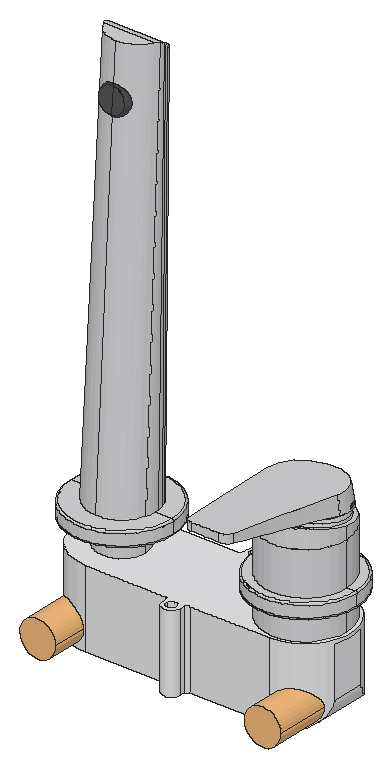
Revit family "Faucet-Wall_Mount-Lavatory-KOHLER-Avid-K-97358BR_1", category Plumbing Fixtures, host Face, Revit 2017
Family settings
  Host = Face
  Round Connector Dimension = Use Diameter
  Part Type = Normal
  OmniClass Number = 23.31.11.00
  OmniClass Title = Faucets
  Cut with Voids When Loaded = No
  Shared = No
  Room Calculation Point = No
Parameters (values of type "Without Drain, CP-Polished Chrome")
  Width = 6 1/4"  # constant formula
  WaterSense Certified = 1 = 0  # no
  Waste Water Outlet = "Waste Water Outlet"  # constant formula
  Waste Connection = 1 = 0  # no
  Vent Connection = 1 = 0  # no
  URL = "https://br.kohler.com/"
  Spout Reach = 8 1/4"  # constant formula
  Product Page URL = "https://br.kohler.com/product-detail/97358br-4nd?skuid=K-97358BR-4ND-CP"
  Product Name = "Avid"  # constant formula
  Product Documentation Link = ""
  Pressure = 45.00 psi  # constant formula
  Model = "K-97358BR-4ND-CP"  # constant formula
  Material = "Premium Metal Construction"  # constant formula
  Master Format 2014 Name = "Residential Faucets, Supplies, and Trim"  # constant formula
  Master Format 2014 = "22 41 39"  # constant formula
  Manufacturer Address = "Rio de Janeiro MULTIREPAROS RUA BATISTA DA COSTA, Nº 352 | STORE B Rio de Janeiro SÃO GONÇALO 24450-470"  # constant formula
  Manufacturer = "KOHLER Co."  # constant formula
  Length = Spout Reach  # 8 1/4"
  Hot Water Inlet = "Hot Water Inlet"  # constant formula
  Height = 2 5/16"  # constant formula
  Handle Clearance = 2 3/4"  # constant formula
  HW Connection = 1 = 1  # yes
  Flow Rate = 2.2 GPM  # constant formula
  Finish = Kohler-Metal-CP-Polished_Chrome
  Environmental Product Declaration = ""
  Drain Included = 1 = 0  # no
  Description = "Wall-mounted washbasin mixer tap"  # constant formula
  Default Elevation = 36"
  Declare Label = ""
  Date Modified = "06/29/2020"  # constant formula
  Date Created = "06/29/2020"  # constant formula
  Copyright = "Copyright KOHLER Co."  # constant formula
  Contact Us = "https://br.kohler.com/asr-listing"
  Cold Water Inlet = "Cold Water Inlet"  # constant formula
  CW Connection = 1 = 1  # yes
  Assembly Code = "D2010"
  ADA Compliant = 1 = 0  # no
Reference planes (in)
  plane 1 "Center (Front/Back)": y = 0
  plane 2: z = 0
  plane 3 "Center (Left/Right)": x = 0
  plane 4: z = 8.25
  plane 5: x = -2
  plane 6: x = 2
  plane 7: y = 1.14173
  plane 8: y = -1.17077
  plane 9: x = -3.125
  plane 10: x = -0.875
  plane 11: x = 0.875
  plane 12: x = 3.125
  plane 13: y = -2.75
  plane 14: z = 9.31922
  plane 15: z = 0.31496
  plane 16: z = 2.3585
  plane 17: z = -0.53937
  plane 18: z = -2.22303
  plane 19: x = 2.43501
  plane 20: z = -1.81102
  plane 21: x = -2.45276
  plane 22: z = -2.3874
  plane 23: y = -1.7063
Forms (in)
  Extrusion 1, void
    sketch origin (0, 0, 0) x (1, 0, 0) y (0, 1, 0)
      loop
        circle (2, 0) r 1
      loop
        circle (-2, 0) r 1
    from -0.53937 to 0
  Extrusion 2, void
    sketch origin (0, 0, 0) x (1, 0, 0) y (0, 0, 1)
      loop
        line (-2.98497, -0.53937) -> (-2.98497, -2.42693) -> (3.01503, -2.42693) -> (3.01503, -0.53937) -> (-2.98497, -0.53937)
    from -1.3475 to 1.36945
  Extrusion 3, void
    sketch origin (0, 0, 0) x (1, 0, 0) y (0, 0, 1)
      loop
        circle (-2.45276, -1.81102) r 0.3937
      loop
        circle (2.44731, -1.81102) r 0.3937
    from 1.17907 to 1.83143
Dimensions and locks (in)
  "Spout Reach": level to plane 4
  "Handle Clearance": plane 13 to plane 1 "Center (Front/Back)"
  "Height": plane 7 to plane 8
  "Width": plane 9 to plane 12
  plane 3 "Center (Left/Right)" to plane 19 = 2.43501"
  plane 21 to plane 3 "Center (Left/Right)" = 2.45276"
  aligned and locked: plane 2 to host face
  aligned and locked: level to host face
Automatic sketch dimensions
  host sketch curve to host sketch curve = 96"  (x2)
  plane 1 "Center (Front/Back)" to Extrusion 1 sketch curve = 0"  (x2)
  Extrusion 1 sketch curve to plane 5 = 0"
  Extrusion 1 sketch curve to plane 6 = 0"
  plane 5 to Extrusion 2 sketch curve = 0.98497"
  Extrusion 2 sketch curve to plane 6 = 1.01503"
  Extrusion 2 sketch curve to level = 2.42693"
  Extrusion 2 sketch curve to level = 0.53937"
  plane 5 to Extrusion 3 sketch curve = 0.45276"
  Extrusion 3 sketch curve to plane 6 = 0.44731"
  Extrusion 3 sketch curve to level = 1.81102"  (x2)
  radius of Extrusion 1 sketch curve = 1"  (x2)
  radius of Extrusion 3 sketch curve = 0.3937"  (x2)
Nested families (in)
  nested 1: "K-97358BR" at (-2, 0, 0), type "K-97358BR"
Connectors (in)
  piping at (-2.45276, -1.7063, -1.81102), diameter 0.5, driven by "HW Connection", driven by "Hot Water Inlet", driven by "Flow Rate", driven by "Pressure"
    settings: on nested 1, index 1, connector inside diameter 24", connector length 0", flow factor 0, pipe flow 2.2 GPM, pressure drop 45.00 psi, fitting loss kfactor 0, connector angle 0.00°, fixture units 0, engagement length 0", angle of deflection 0.00°, flow configuration 1, flow direction 1, fitting loss method 4, system type 19, joint type 0, gender type 0, connector reference index -1, connector utility 1, adjustable connector no, is connector primary yes, connector description "Hot Water Inlet"
  piping at (2.43501, -1.7063, -1.81102), diameter 0.5, driven by "CW Connection", driven by "Cold Water Inlet", driven by "Flow Rate", driven by "Pressure"
    settings: on nested 1, index 2, connector inside diameter 24", connector length 0", flow factor 0, pipe flow 2.2 GPM, pressure drop 45.00 psi, fitting loss kfactor 0, connector angle 0.00°, fixture units 0, engagement length 0", angle of deflection 0.00°, flow configuration 1, flow direction 1, fitting loss method 4, system type 20, joint type 0, gender type 0, connector reference index -1, connector utility 1, adjustable connector no, is connector primary no, connector description "Cold Water Inlet"
Definition of nested family "K-97358BR"
  Parameters (values of type "K-97358BR")
    Valve Material = none
  Reference planes (in)
    plane 1 "Center (Front/Back)": y = 0
    plane 2: z = 0
    plane 3 "Center (Left/Right)": x = 0
    plane 4: x = -1.125
    plane 5: x = 1.125
    plane 6: x = 4
    plane 7: x = 2.875
    plane 8: x = 5.125
    plane 9: z = 8.22835
    plane 10: z = -1.81102
    plane 11: x = -0.45276
    plane 12: x = 4.43501
    plane 13: y = 1.14173
    plane 14: y = -1.14173
    plane 15: y = 1.25984
    plane 16: y = -1.7063
    plane 17: x = 2
    plane 18: y = -2.75
    plane 19: x = -0.97578
  Forms (in)
    SweptBlend 1, solid, material <- "Valve Material", detail levels medium+fine
      path origin (0, 0, -0.09843) x (0, 1, 0) y (0, 0, 1)
        loop
          line (0.39318, 0.31496) -> (0.58456, 10.81322)
      profile origin (0, 0.39318, 0.21654) x (0, -0.999834, 0.018227) y (1, 0, 0)
        loop
          line (0, 0.61393) -> (0, -0.61385)
          arc (0, -0.61385) -> (0.00798, -0.63766) -> (0.02871, -0.65184) r 0.03949
          arc (0.02871, -0.65184) -> (0.06832, -0.66352) -> (0.10768, -0.67602) r 2.01365
          arc (0.10768, -0.67602) -> (0.19207, -0.69707) -> (0.27864, -0.70561) r 0.59539
          arc (0.27864, -0.70561) -> (0.44154, -0.71142) -> (0.60151, -0.68012) r 0.71364
          arc (0.60151, -0.68012) -> (0.96137, -0.42133) -> (1.09903, 0) r 0.71364
          arc (1.09903, 0) -> (0.96137, 0.42133) -> (0.60151, 0.68012) r 0.71364
          arc (0.60151, 0.68012) -> (0.44154, 0.71142) -> (0.27864, 0.70561) r 0.71364
          arc (0.27864, 0.70561) -> (0.19207, 0.69707) -> (0.10768, 0.67602) r 0.59539
          arc (0.10768, 0.67602) -> (0.06828, 0.66351) -> (0.02864, 0.65182) r 2.01365
          arc (0.02864, 0.65182) -> (0.00796, 0.63767) -> (0, 0.61393) r 0.03939
      end profile origin (0, 0.58456, 10.71479) x (0, -0.999834, 0.018227) y (1, 0, 0)
        loop
          arc (0.0682, -0.60617) -> (0.09124, -0.60472) -> (0.11421, -0.6024) r 0.60675
          arc (0.11421, -0.6024) -> (0.1519, -0.59666) -> (0.18915, -0.58856) r 0.60675
          arc (0.18915, -0.58856) -> (0.52006, -0.37329) -> (0.64848, 0) r 0.60675
          arc (0.64848, 0) -> (0.52006, 0.37329) -> (0.18915, 0.58856) r 0.60675
          arc (0.18915, 0.58856) -> (0.17059, 0.59291) -> (0.1519, 0.59666) r 0.60675
          arc (0.1519, 0.59666) -> (0.1331, 0.59983) -> (0.11421, 0.6024) r 0.60675
          arc (0.11421, 0.6024) -> (0.09124, 0.60472) -> (0.0682, 0.60617) r 0.60675
          arc (0.0682, 0.60617) -> (0.04523, 0.59752) -> (0.03559, 0.57495) r 0.03125
          line (0.03559, 0.57495) -> (0.03559, 0) -> (0.03559, -0.57495)
          arc (0.03559, -0.57495) -> (0.04523, -0.59752) -> (0.0682, -0.60617) r 0.03125
    Revolve 2, solid, material <- "Valve Material", detail levels medium+fine
      sketch origin (0, 0, 0) x (1, 0, 0) y (0, 0, 1)
        loop
          line (0, 0.31496) -> (-1.09025, 0.31496)
          arc (-1.09025, 0.31496) -> (-1.11482, 0.30478) -> (-1.125, 0.28021) r 0.03475
          line (-1.125, 0.28021) -> (-1.125, 0.03516)
          arc (-1.125, 0.03516) -> (-1.1147, 0.0103) -> (-1.08984, 0) r 0.03516
          line (-1.08984, 0) -> (-0.94488, 0) -> (-0.94488, -0.03937) -> (-0.31231, -0.03937) -> (-0.31231, -0.19685) -> (-0.49213, -0.19685) -> (-0.51394, -0.21867) -> (-0.51394, -0.25433) -> (-0.48358, -0.27559) -> (-0.52408, -0.27559) -> (-0.52408, -0.53937) -> (0, -0.53937) -> (0, 0.31496)
        axis (0, -0.53937) -> (0, 0.31496)
      angle from 0 to 360
    Revolve 3, solid, material <- "Valve Material", detail levels medium+fine
      sketch origin (0, 0, 0) x (1, 0, 0) y (0, 0, 1)
        loop
          arc (4, 1.85893) -> (3.78638, 1.85354) -> (3.57331, 1.83726) r 4.18399
          arc (3.57331, 1.83726) -> (3.39839, 1.81096) -> (3.22674, 1.76823) r 1.86659
          arc (3.22674, 1.76823) -> (3.19289, 1.75404) -> (3.16276, 1.73308) r 0.17427
          arc (3.16276, 1.73308) -> (3.13089, 1.69288) -> (3.11592, 1.64381) r 0.13794
          arc (3.11592, 1.64381) -> (3.09988, 1.44843) -> (3.09452, 1.25246) r 3.5902
          line (3.09452, 1.25246) -> (3.09452, 0.31496) -> (2.90633, 0.31496)
          arc (2.90633, 0.31496) -> (2.88418, 0.30578) -> (2.875, 0.28363) r 0.03133
          line (2.875, 0.28363) -> (2.875, 0.03381)
          arc (2.875, 0.03381) -> (2.8849, 0.0099) -> (2.90881, 0) r 0.03381
          line (2.90881, 0) -> (3.09464, 0) -> (3.09464, -0.53937) -> (4, -0.53937) -> (4, 1.85893)
        axis (4, -0.53937) -> (4, 1.85893)
      angle from 0 to 360
    Extrusion 4, void
      sketch origin (0, 0, 0) x (0, 1, 0) y (0, 0, 1)
        loop
          line (1.21089, 1.31126) -> (1.28243, 1.71699) -> (-0.84864, 2.09275) -> (-0.92018, 1.68703) -> (1.21089, 1.31126)
      from 0 to 12
    Blend 5, solid, material <- "Valve Material", detail levels medium+fine
      base sketch origin (0, 0, 0) x (1, 0, 0) y (0, 1, 0)
        loop
          arc (4.30364, -2.75379) -> (4.43502, -2.70439) -> (4.50131, -2.58067) r 0.19944
          line (4.50131, -2.58067) -> (4.83397, -0.08241)
          arc (4.83397, -0.08241) -> (4, 0.86997) -> (3.16603, -0.08241) r 0.84133
          line (3.16603, -0.08241) -> (3.49902, -2.5832)
          arc (3.49902, -2.5832) -> (3.56439, -2.70516) -> (3.69391, -2.75385) r 0.19659
          line (3.69391, -2.75385) -> (4.30364, -2.75379)
      top sketch origin (0, 0, 0) x (1, 0, 0) y (0, 1, 0)
        loop
          line (3.70457, -2.70033) -> (4.29092, -2.70033)
          arc (4.29092, -2.70033) -> (4.40646, -2.6555) -> (4.46153, -2.54447) r 0.17131
          line (4.46153, -2.54447) -> (4.68298, -0.09856)
          arc (4.68298, -0.09856) -> (4, 0.64905) -> (3.31702, -0.09856) r 0.68577
          line (3.31702, -0.09856) -> (3.53888, -2.54896)
          arc (3.53888, -2.54896) -> (3.59236, -2.65679) -> (3.70457, -2.70033) r 0.16637
      from 1.53543 to 2.78937
    Extrusion 6, void
      sketch origin (0, 0, 0) x (0, 1, 0) y (0, 0, 1)
        loop
          arc (0.81908, 2.03021) -> (0.95281, 1.81903) -> (1.02699, 1.58033) r 0.95238
          line (1.02699, 1.58033) -> (2.23255, 1.58033) -> (2.23255, 2.97712) -> (-2.82995, 2.97712) -> (-2.82995, 2.30805)
          arc (-2.82995, 2.30805) -> (-2.80796, 2.34972) -> (-2.76295, 2.36364) r 0.06155
          line (-2.76295, 2.36364) -> (0.81908, 2.03021)
      from 0 to 12
    Extrusion 7, void
      sketch origin (0, 0, 0) x (0, 1, 0) y (0, 0, 1)
        loop
          line (-2.93599, 2.23374) -> (-2.93599, 1.46391) -> (1.06401, 1.46391) -> (1.06401, 1.52844) -> (-2.93599, 2.23374)
      from 0 to 12
    Revolve 8, solid, material <- "Valve Material", detail levels medium+fine
      sketch origin (4, 0, 0) x (0, 1, 0) y (0, 0, 1)
        loop
          line (0.03271, 1.71028) -> (0, 1.52478) -> (0.79088, 1.38532) -> (0.79088, 1.44328)
          arc (0.79088, 1.44328) -> (0.78889, 1.48298) -> (0.78292, 1.52228) r 0.39569
          arc (0.78292, 1.52228) -> (0.77567, 1.55194) -> (0.76616, 1.58096) r 0.39569
          line (0.76616, 1.58096) -> (0.03271, 1.71028)
        axis (0.03271, 1.71028) -> (0, 1.52478)
      angle from 0 to 360
    Extrusion 9, void
      sketch origin (0, 0, 0) x (0, 1, 0) y (0, 0, 1)
        loop
          arc (0.20274, 9.31287) -> (0.49131, 9.1872) -> (0.6065, 8.89429) r 0.41123
          line (0.6065, 8.89429) -> (0.6065, 11.14429) -> (-0.8935, 11.14429) -> (-0.8935, 9.33261) -> (0.20274, 9.31287)
      from -2.06618 to 12
    Extrusion 10, solid, detail levels medium+fine
      sketch origin (0, 0, 0) x (1, 0, 0) y (0, 1, 0)
        loop
          line (1.72613, 0.98425) -> (-0.00072, 0.98425)
          arc (-0.00072, 0.98425) -> (-0.98497, 0) -> (-0.00072, -0.98425) r 0.98425
          line (-0.00072, -0.98425) -> (1.72613, -0.98425)
          arc (1.72613, -0.98425) -> (1.78158, -1.00722) -> (1.80455, -1.06267) r 0.07841
          line (1.80455, -1.06267) -> (1.80455, -1.14195)
          arc (1.80455, -1.14195) -> (2, -1.3374) -> (2.19546, -1.14195) r 0.19545
          line (2.19546, -1.14195) -> (2.19546, -1.06267)
          arc (2.19546, -1.06267) -> (2.21842, -1.00722) -> (2.27387, -0.98425) r 0.07841
          line (2.27387, -0.98425) -> (4.00072, -0.98425)
          arc (4.00072, -0.98425) -> (4.98497, 0) -> (4.00072, 0.98425) r 0.98425
          line (4.00072, 0.98425) -> (2.27387, 0.98425)
          arc (2.27387, 0.98425) -> (2.21842, 1.00722) -> (2.19546, 1.06267) r 0.07841
          line (2.19546, 1.06267) -> (2.19546, 1.14045)
          arc (2.19546, 1.14045) -> (2, 1.33591) -> (1.80455, 1.14045) r 0.19545
          line (1.80455, 1.14045) -> (1.80455, 1.06267)
          arc (1.80455, 1.06267) -> (1.78158, 1.00722) -> (1.72613, 0.98425) r 0.07841
        loop
          circle (2, -1.14195) r 0.11215
        loop
          circle (2, 1.14045) r 0.11873
      from -2.84874 to -0.53937
    Extrusion 11, void
      sketch origin (0, 0, 0) x (0, 1, 0) y (0, 0, 1)
        loop
          line (-2.26611, -2.31267) -> (-2.24505, -2.91593) -> (1.50724, -2.91593) -> (1.50724, -2.12514) -> (1.00724, -2.12514)
          arc (1.00724, -2.12514) -> (0.7601, -2.3178) -> (0.45324, -2.38125) r 0.68986
          line (0.45324, -2.38125) -> (-2.26611, -2.31267)
      from -1.74273 to 12
    Extrusion 12, void
      sketch origin (0, 0, 0) x (1, 0, 0) y (0, 0, 1)
        loop
          arc (4.92175, -1.72303) -> (4.77531, -2.07658) -> (4.42175, -2.22303) r 0.5
          line (4.42175, -2.22303) -> (-0.42175, -2.22303)
          arc (-0.42175, -2.22303) -> (-0.77531, -2.07658) -> (-0.92175, -1.72303) r 0.5
          line (-0.92175, -1.72303) -> (-0.92175, -0.65748) -> (-2.76575, -0.65748) -> (-2.76575, -3.35416) -> (5.73425, -3.35416) -> (5.73425, -0.60416) -> (4.92175, -0.60416) -> (4.92175, -1.72303)
      from -2.81824 to 12
    Extrusion 13, solid
      sketch origin (0, 0, 0) x (1, 0, 0) y (0, 0, 1)
        loop
          circle (-0.45276, -1.81102) r 0.3937
        loop
          circle (4.43501, -1.81102) r 0.3937
      from 0 to 1.7063
    Extrusion 14, solid, detail levels medium+fine
      sketch origin (-4, 0, 0) x (0, 1, 0) y (0, 0, 1)
        loop
          line (1.25984, -2.3874) -> (1.25984, -1.68556)
          arc (1.25984, -1.68556) -> (1.23478, -1.62506) -> (1.17428, -1.6) r 0.08556
          line (1.17428, -1.6) -> (-0.50054, -1.6) -> (-0.50054, -2.3874) -> (1.25984, -2.3874)
      from 3.52756 to 3.92126
    Extrusion 15, solid, detail levels medium+fine
      sketch origin (0, 0, 0) x (0, 1, 0) y (0, 0, 1)
        loop
          line (1.25984, -2.3874) -> (1.25984, -1.68556)
          arc (1.25984, -1.68556) -> (1.23478, -1.62506) -> (1.17428, -1.6) r 0.08556
          line (1.17428, -1.6) -> (-0.50054, -1.6) -> (-0.50054, -2.3874) -> (1.25984, -2.3874)
      from 3.52756 to 3.92126
    Revolve 16, solid, detail levels medium+fine
      sketch origin (0, 0, 0) x (0, 1, 0) y (0, 0, 1)
        loop
          arc (-0.28793, 7.92912) -> (-0.22637, 7.88913) -> (-0.15365, 7.87923) r 0.16787
          line (-0.15365, 7.87923) -> (-0.12997, 8.19859) -> (-0.2672, 8.20876) -> (-0.28793, 7.92912)
        axis (-0.2672, 8.20876) -> (-0.12997, 8.19859)
      angle from 0 to 360
    Extrusion 17, solid, detail levels coarse
      sketch origin (0, 0, 0) x (1, 0, 0) y (0, 1, 0)
        loop
          line (-0.97578, 1.14173) -> (-0.97578, -1.14173) -> (4.97578, -1.14173) -> (4.97578, 1.14173) -> (-0.97578, 1.14173)
      from -2.3874 to -0.53937
    Extrusion 18, solid, material <- "Valve Material", detail levels coarse
      sketch origin (0, 0, 0) x (1, 0, 0) y (0, 1, 0)
        loop
          circle (4, 0) r 1.12543
        loop
          circle (0, 0) r 1.125
      from 0 to 0.31496
    Extrusion 19, solid, material <- "Valve Material", detail levels coarse
      sketch origin (0, 0, 0) x (1, 0, 0) y (0, 0, 1)
        loop
          arc (0.71314, 9.30264) -> (0.00006, 9.31905) -> (-0.71314, 9.30851) r 18.8753
          line (-0.71314, 9.30851) -> (-0.71314, 0.31496) -> (0.71314, 0.31496) -> (0.71314, 9.30264)
      from -0.50311 to 0.67888
    Extrusion 20, solid, material <- "Valve Material", detail levels coarse
      sketch origin (0, 0, 0) x (1, 0, 0) y (0, 1, 0)
        loop
          circle (4, 0) r 0.98425
      from 0.31496 to 1.88841
    Extrusion 21, solid, material <- "Valve Material", detail levels coarse
      sketch origin (0, 0, 0) x (0, 1, 0) y (0, 0, 1)
        loop
          line (-2.71867, 2.35952) -> (-2.71867, 2.19543) -> (0.98425, 1.5425) -> (0.98425, 2.01484) -> (-2.71867, 2.35952)
      from 3.01544 to 4.97578
    Extrusion 22, solid, material <- "Valve Material", detail levels coarse
      sketch origin (0, 0, 0) x (1, 0, 0) y (0, 1, 0)
        loop
          circle (4, 0) r 0.90536
        loop
          circle (0, 0) r 0.52408
      from -0.53937 to 0
    Extrusion 23, solid, detail levels medium+fine
      sketch origin (0.35038, -1.51848, 0.01172) x (-0.325568, 0.945519, 0) y (0, 0, 1)
        loop
          line (0.19179, 1.76677) -> (0.19179, 1.71333) -> (0.39295, 1.71333) -> (0.39295, 1.76677) -> (0.19179, 1.76677)
      from 4.7472 to 4.77467
    Extrusion 24, solid, detail levels medium+fine
      sketch origin (7.64962, -1.51848, 0.01172) x (0.325568, 0.945519, 0) y (0, 0, -1)
        loop
          line (0.19179, -1.76677) -> (0.39295, -1.76677) -> (0.39295, -1.71333) -> (0.19179, -1.71333) -> (0.19179, -1.76677)
      from 4.7472 to 4.77467
  Cuts and joins
    Extrusion 9 cuts SweptBlend 1
    Extrusion 4 cuts Revolve 3
    Extrusion 6, Extrusion 7 cuts Blend 5
    joined: SweptBlend 1, Revolve 2, Revolve 3, Blend 5, Revolve 8
    Extrusion 11, Extrusion 12 cuts Extrusion 10
  Lines and regions (in)
    Masking region 1
      outline origin (0, 0, 0) x (0, 1, 0) y (0, 0, 1)
        loop
          line (0.90241, 0.31496) -> (0.90241, 1.36566) -> (0.78556, 1.38626)
          arc (0.78556, 1.38626) -> (0.78983, 1.485) -> (0.76616, 1.58096) r 0.34786
          line (0.76616, 1.58096) -> (0.86168, 1.56411) -> (0.78739, 2.03316) -> (0.42937, 2.06649) -> (0.52569, 9.1466)
          arc (0.52569, 9.1466) -> (0.38357, 9.26732) -> (0.20274, 9.31287) r 0.41123
          line (0.20274, 9.31287) -> (-0.14993, 9.31922) -> (-0.19923, 8.51351) -> (-0.24647, 8.4884) -> (-0.28793, 7.92912) -> (-0.23716, 7.89357) -> (-0.58178, 2.16061) -> (-2.71867, 2.35952) -> (-2.75673, 2.20214) -> (-0.69952, 1.83939)
          arc (-0.69952, 1.83939) -> (-0.76311, 1.76115) -> (-0.79088, 1.66423) r 0.25162
          line (-0.79088, 1.66423) -> (-0.87539, 1.67913)
          arc (-0.87539, 1.67913) -> (-0.88109, 1.6509) -> (-0.88539, 1.62242) r 0.58365
          arc (-0.88539, 1.62242) -> (-0.90057, 1.46113) -> (-0.90564, 1.29921) r 2.58873
          line (-0.90564, 1.29921) -> (-0.90564, 0.31496) -> (-1.09287, 0.31496)
          arc (-1.09287, 0.31496) -> (-1.11546, 0.3056) -> (-1.12482, 0.28302) r 0.03194
          line (-1.12482, 0.28302) -> (-1.12482, 0.03501)
          arc (-1.12482, 0.03501) -> (-1.11456, 0.01025) -> (-1.08981, 0) r 0.03501
          line (-1.08981, 0) -> (1.08981, 0)
          arc (1.08981, 0) -> (1.11456, 0.01025) -> (1.12482, 0.03501) r 0.03501
          line (1.12482, 0.03501) -> (1.12482, 0.28302)
          arc (1.12482, 0.28302) -> (1.11546, 0.3056) -> (1.09287, 0.31496) r 0.03194
          line (1.09287, 0.31496) -> (0.90241, 0.31496)
    Masking region 2
      outline origin (0, 0, 0) x (0, 1, 0) y (0, 0, 1)
        loop
          line (0.90536, -0.03937) -> (0.94488, -0.03937) -> (0.94488, 0) -> (-0.94488, 0) -> (-0.94488, -0.03937) -> (-0.90536, -0.03937) -> (-0.90536, -0.53937) -> (-1.3374, -0.53937) -> (-1.3374, -1.41732) -> (-1.7063, -1.41732) -> (-1.7063, -2.20472) -> (-1.40572, -2.20472) -> (-1.3374, -2.22303) -> (-0.50054, -2.22303) -> (-0.50054, -2.3874) -> (1.25984, -2.3874) -> (1.25984, -2.12514) -> (1.33591, -2.12514) -> (1.33591, -0.53937) -> (0.90536, -0.53937) -> (0.90536, -0.03937)
    Masking region 3
      outline origin (0, 0, 0) x (1, 0, 0) y (0, 0, 1)
        loop
          line (0.71314, 0.31496) -> (0.6135, 9.24533)
          spline (0.6135, 9.24533) -> (0.61347, 9.24705) -> (0.61342, 9.24876) -> (0.61335, 9.25045) -> (0.61326, 9.25211) -> (0.61314, 9.25375) -> (0.613, 9.25538) -> (0.61285, 9.25698) -> (0.61267, 9.25856) -> (0.61247, 9.26012) -> (0.61225, 9.26165) -> (0.612, 9.26317) -> (0.61174, 9.26466)
          spline (0.61174, 9.26466) -> (0.61173, 9.26782) -> (0.61156, 9.27088) -> (0.61122, 9.27384) -> (0.61073, 9.2767) -> (0.61007, 9.27945) -> (0.60925, 9.28209) -> (0.60827, 9.28462) -> (0.60712, 9.28704) -> (0.60582, 9.28935) -> (0.60437, 9.29154) -> (0.60275, 9.29361) -> (0.60098, 9.29557)
          spline (0.60098, 9.29557) -> (0.59846, 9.29818) -> (0.59578, 9.30058) -> (0.59292, 9.30278) -> (0.5899, 9.30476) -> (0.58671, 9.30653) -> (0.58336, 9.30809) -> (0.57985, 9.30943) -> (0.57618, 9.31055) -> (0.57236, 9.31146) -> (0.56839, 9.31214) -> (0.56426, 9.31261) -> (0.55999, 9.31287)
          spline (0.55999, 9.31287) -> (0.53245, 9.31379) -> (0.50024, 9.31466) -> (0.46364, 9.31547) -> (0.42298, 9.31622) -> (0.37861, 9.3169) -> (0.33091, 9.3175) -> (0.28031, 9.31801) -> (0.22726, 9.31844) -> (0.17221, 9.31878) -> (0.11565, 9.31902) -> (0.05807, 9.31917) -> (0.00001, 9.31922)
          spline (0.00001, 9.31922) -> (-0.05807, 9.31917) -> (-0.11565, 9.31902) -> (-0.17221, 9.31878) -> (-0.22726, 9.31844) -> (-0.28031, 9.31801) -> (-0.33091, 9.3175) -> (-0.37861, 9.3169) -> (-0.42298, 9.31622) -> (-0.46364, 9.31547) -> (-0.50024, 9.31466) -> (-0.53245, 9.31379) -> (-0.55999, 9.31287)
          spline (-0.55999, 9.31287) -> (-0.56426, 9.31261) -> (-0.56839, 9.31214) -> (-0.57236, 9.31146) -> (-0.57618, 9.31055) -> (-0.57985, 9.30943) -> (-0.58336, 9.30809) -> (-0.58671, 9.30653) -> (-0.5899, 9.30476) -> (-0.59292, 9.30278) -> (-0.59578, 9.30058) -> (-0.59846, 9.29818) -> (-0.60098, 9.29557)
          spline (-0.60098, 9.29557) -> (-0.60275, 9.29361) -> (-0.60437, 9.29154) -> (-0.60582, 9.28935) -> (-0.60712, 9.28704) -> (-0.60827, 9.28462) -> (-0.60925, 9.28209) -> (-0.61007, 9.27945) -> (-0.61073, 9.2767) -> (-0.61122, 9.27384) -> (-0.61156, 9.27088) -> (-0.61173, 9.26782) -> (-0.61174, 9.26466)
          spline (-0.61174, 9.26466) -> (-0.612, 9.26317) -> (-0.61225, 9.26165) -> (-0.61247, 9.26012) -> (-0.61267, 9.25856) -> (-0.61285, 9.25698) -> (-0.613, 9.25538) -> (-0.61314, 9.25375) -> (-0.61326, 9.25211) -> (-0.61335, 9.25045) -> (-0.61342, 9.24876) -> (-0.61347, 9.24705) -> (-0.6143, 9.24533)
          line (-0.6143, 9.24533) -> (-0.71314, 0.31496) -> (-1.09224, 0.31496)
          arc (-1.09224, 0.31496) -> (-1.11541, 0.30537) -> (-1.125, 0.2822) r 0.03276
          line (-1.125, 0.2822) -> (-1.125, 0.03704)
          arc (-1.125, 0.03704) -> (-1.11415, 0.01085) -> (-1.08796, 0) r 0.03704
          line (-1.08796, 0) -> (1.08796, 0)
          arc (1.08796, 0) -> (1.11415, 0.01085) -> (1.125, 0.03704) r 0.03704
          line (1.125, 0.03704) -> (1.125, 0.2822)
          arc (1.125, 0.2822) -> (1.11541, 0.30537) -> (1.09224, 0.31496) r 0.03276
          line (1.09224, 0.31496) -> (0.71314, 0.31496)
        loop
          line (4.29765, 2.35951) -> (3.69855, 2.35952)
          spline (3.69855, 2.35952) -> (3.67722, 2.35937) -> (3.65623, 2.35898) -> (3.6359, 2.35836) -> (3.61651, 2.35753) -> (3.59836, 2.35648) -> (3.5817, 2.35523) -> (3.56678, 2.35381) -> (3.55381, 2.35223) -> (3.54298, 2.35052) -> (3.53446, 2.3487) -> (3.52836, 2.3468) -> (3.52477, 2.34485)
          spline (3.52477, 2.34485) -> (3.5021, 2.32564) -> (3.47917, 2.30642) -> (3.45598, 2.28721) -> (3.43252, 2.26799) -> (3.40879, 2.24879) -> (3.3848, 2.22958) -> (3.36054, 2.21038) -> (3.33601, 2.19118) -> (3.31122, 2.17198) -> (3.28616, 2.15278) -> (3.26083, 2.13359) -> (3.23524, 2.1144)
          spline (3.23524, 2.1144) -> (3.23473, 2.11328) -> (3.23394, 2.11262) -> (3.23322, 2.11195) -> (3.23256, 2.11129) -> (3.23198, 2.11062) -> (3.23146, 2.10996) -> (3.23101, 2.10929) -> (3.23062, 2.10862) -> (3.2303, 2.10796) -> (3.23005, 2.10729) -> (3.22987, 2.10662) -> (3.22975, 2.10595)
          line (3.22975, 2.10595) -> (3.18036, 1.70644)
          spline (3.18036, 1.70644) -> (3.18069, 1.70235) -> (3.18171, 1.69826) -> (3.1834, 1.69418) -> (3.18577, 1.69011) -> (3.18881, 1.68605) -> (3.19252, 1.68201) -> (3.1969, 1.67799) -> (3.20195, 1.67399) -> (3.20765, 1.67002) -> (3.21401, 1.66608) -> (3.22102, 1.66217) -> (3.22867, 1.6583)
          arc (3.22867, 1.6583) -> (3.21698, 1.62753) -> (3.20783, 1.59592) r 0.40492
          spline (3.20783, 1.59592) -> (3.19353, 1.59094) -> (3.18024, 1.58588) -> (3.16799, 1.58074) -> (3.15679, 1.57553) -> (3.14666, 1.57025) -> (3.1376, 1.56492) -> (3.12963, 1.55953) -> (3.12275, 1.5541) -> (3.11698, 1.54862) -> (3.11232, 1.54312) -> (3.10879, 1.53759) -> (3.10637, 1.53205)
          arc (3.10637, 1.53205) -> (3.09749, 1.26979) -> (3.09452, 1.0074) r 11.62233
          line (3.09452, 1.0074) -> (3.09452, 0.31496) -> (2.90776, 0.31496)
          arc (2.90776, 0.31496) -> (2.8846, 0.30537) -> (2.875, 0.2822) r 0.03276
          line (2.875, 0.2822) -> (2.875, 0.03704)
          arc (2.875, 0.03704) -> (2.88585, 0.01085) -> (2.91204, 0) r 0.03704
          line (2.91204, 0) -> (5.08796, 0)
          arc (5.08796, 0) -> (5.11415, 0.01085) -> (5.125, 0.03704) r 0.03704
          line (5.125, 0.03704) -> (5.125, 0.2822)
          arc (5.125, 0.2822) -> (5.1154, 0.30537) -> (5.09224, 0.31496) r 0.03276
          line (5.09224, 0.31496) -> (4.90548, 0.31496) -> (4.90548, 1.0074)
          arc (4.90548, 1.0074) -> (4.90251, 1.26979) -> (4.89363, 1.53205) r 11.62233
          spline (4.89363, 1.53205) -> (4.89121, 1.53759) -> (4.88768, 1.54312) -> (4.88302, 1.54862) -> (4.87725, 1.5541) -> (4.87037, 1.55953) -> (4.8624, 1.56492) -> (4.85334, 1.57025) -> (4.84321, 1.57553) -> (4.83201, 1.58074) -> (4.81976, 1.58588) -> (4.80647, 1.59094) -> (4.79217, 1.59592)
          arc (4.79217, 1.59592) -> (4.78302, 1.62753) -> (4.77133, 1.6583) r 0.40492
          spline (4.77133, 1.6583) -> (4.77898, 1.66217) -> (4.78599, 1.66608) -> (4.79235, 1.67002) -> (4.79805, 1.67399) -> (4.8031, 1.67799) -> (4.80748, 1.68201) -> (4.81119, 1.68605) -> (4.81423, 1.69011) -> (4.8166, 1.69418) -> (4.81829, 1.69826) -> (4.81931, 1.70235) -> (4.81964, 1.70644)
          line (4.81964, 1.70644) -> (4.77059, 2.106)
          spline (4.77059, 2.106) -> (4.77013, 2.10662) -> (4.76995, 2.10729) -> (4.7697, 2.10796) -> (4.76938, 2.10862) -> (4.76899, 2.10929) -> (4.76854, 2.10996) -> (4.76802, 2.11062) -> (4.76744, 2.11129) -> (4.76678, 2.11195) -> (4.76606, 2.11262) -> (4.76527, 2.11328) -> (4.76442, 2.11395)
          spline (4.76442, 2.11395) -> (4.7392, 2.13356) -> (4.71391, 2.15273) -> (4.68889, 2.17189) -> (4.66413, 2.19106) -> (4.63964, 2.21023) -> (4.61541, 2.2294) -> (4.59145, 2.24858) -> (4.56776, 2.26776) -> (4.54433, 2.28694) -> (4.52116, 2.30613) -> (4.49826, 2.32532) -> (4.47563, 2.34451)
          spline (4.47563, 2.34451) -> (4.47195, 2.3465) -> (4.4657, 2.34845) -> (4.45697, 2.35031) -> (4.44588, 2.35206) -> (4.4326, 2.35367) -> (4.41732, 2.35513) -> (4.40026, 2.3564) -> (4.38166, 2.35748) -> (4.36181, 2.35834) -> (4.34099, 2.35897) -> (4.3195, 2.35936) -> (4.29765, 2.35951)
    Masking region 4, detail levels medium+fine
      outline origin (0, 0, 0) x (1, 0, 0) y (0, 0, 1)
        loop
          line (4.98497, -0.53937) -> (4.90536, -0.53937) -> (4.90536, 0) -> (3.09464, 0) -> (3.09464, -0.53937) -> (0.52408, -0.53937) -> (0.52408, -0.27559) -> (0.48358, -0.27559) -> (0.51394, -0.25433) -> (0.51394, -0.21867) -> (0.49213, -0.19685) -> (0.31231, -0.19685) -> (0.31231, -0.03937) -> (0.94488, -0.03937) -> (0.94488, 0) -> (-0.94488, 0) -> (-0.94488, -0.03937) -> (-0.31231, -0.03937) -> (-0.31231, -0.19685) -> (-0.49213, -0.19685) -> (-0.51394, -0.21867) -> (-0.51394, -0.25433) -> (-0.48358, -0.27559) -> (-0.52408, -0.27559) -> (-0.52408, -0.53937) -> (-0.98497, -0.53937) -> (-0.98497, -0.65748) -> (-0.92175, -0.65748) -> (-0.92175, -1.72303)
          arc (-0.92175, -1.72303) -> (-0.79279, -2.05818) -> (-0.47244, -2.22046) r 0.5
          line (-0.47244, -2.22046) -> (-0.47244, -2.3874) -> (-0.07874, -2.3874) -> (-0.07874, -2.22303) -> (3.52756, -2.22303) -> (3.52756, -2.3874) -> (3.92126, -2.3874) -> (3.92126, -2.22303) -> (4.42175, -2.22303)
          arc (4.42175, -2.22303) -> (4.77531, -2.07658) -> (4.92175, -1.72303) r 0.5
          line (4.92175, -1.72303) -> (4.92175, -0.60416) -> (4.98497, -0.60416) -> (4.98497, -0.53937)
    Masking region 5
      outline origin (0, 0, 0) x (1, 0, 0) y (0, 1, 0)
        loop
          arc (4.69623, -0.88423) -> (4, 1.12543) -> (3.30377, -0.88423) r 1.12543
          spline (3.30377, -0.88423) -> (3.32334, -1.02682) -> (3.34267, -1.16945) -> (3.36176, -1.3121) -> (3.38062, -1.45479) -> (3.39923, -1.59751) -> (3.41761, -1.74026) -> (3.43574, -1.88304) -> (3.45364, -2.02584) -> (3.4713, -2.16868) -> (3.48872, -2.31154) -> (3.50591, -2.45443) -> (3.52285, -2.59735)
          arc (3.52285, -2.59735) -> (3.58871, -2.70696) -> (3.70913, -2.75) r 0.18999
          line (3.70913, -2.75) -> (4.29087, -2.75)
          arc (4.29087, -2.75) -> (4.41129, -2.70696) -> (4.47715, -2.59735) r 0.18999
          spline (4.47715, -2.59735) -> (4.49409, -2.45443) -> (4.51128, -2.31154) -> (4.5287, -2.16868) -> (4.54636, -2.02584) -> (4.56426, -1.88304) -> (4.58239, -1.74026) -> (4.60077, -1.59751) -> (4.61938, -1.45479) -> (4.63824, -1.3121) -> (4.65733, -1.16945) -> (4.67666, -1.02682) -> (4.69623, -0.88423)
        loop
          circle (0, 0) r 1.125
    symbolic lines, detail levels medium+fine
      curve 1: line (0, 0.90241, 0.31496) -> (0, -0.90564, 0.31496)
      curve 2: line (0, 0.42937, 2.06649) -> (0, 0.39471, 0.31496)
      curve 3: line (0, -0.58178, 2.16061) -> (0, -0.70089, 0.31496)
      curve 4: line (0, -0.70074, 1.83961) -> (0, -0.6036, 1.82248)
      curve 5: line (0, -0.79088, 1.66423) -> (0, -0.6158, 1.63336)
      curve 6: line (0, 0.78556, 1.38626) -> (0, 0.4172, 1.45121)
      curve 7: line (0, 0.76616, 1.58096) -> (0, 0.42097, 1.64182)
      curve 8: line (0, -0.49213, -0.19685) -> (0, 0.49213, -0.19685)
      curve 9: line (0, 0.51394, -0.21867) -> (0, 0.51394, -0.25433)
      curve 10: line (0, 0.51394, -0.25433) -> (0, 0.48358, -0.27559)
      curve 11: line (0, 0.48358, -0.27559) -> (0, 0.52408, -0.27559)
      curve 12: line (0, 0.52408, -0.27559) -> (0, 0.52408, -0.53937)
      curve 13: line (0, 0.31231, -0.03937) -> (0, 0.31231, -0.19685)
      curve 14: line (0, -0.90536, -0.03937) -> (0, 0.90536, -0.03937)
      curve 15: line (0, 0.51394, -0.21867) -> (0, 0.49213, -0.19685)
      curve 16: line (0, -0.51394, -0.21867) -> (0, -0.51394, -0.25433)
      curve 17: line (0, -0.51394, -0.25433) -> (0, -0.48358, -0.27559)
      curve 18: line (0, -0.48358, -0.27559) -> (0, -0.52408, -0.27559)
      curve 19: line (0, -0.52408, -0.27559) -> (0, -0.52408, -0.53937)
      curve 20: line (0, -0.51394, -0.21867) -> (0, -0.49213, -0.19685)
      curve 21: line (0, -0.31231, -0.03937) -> (0, -0.31231, -0.19685)
      curve 22: line (0, 0.90536, -0.53937) -> (0, -0.90564, -0.53937)
      curve 23: line (0, 0.48358, -0.27559) -> (0, -0.48358, -0.27559)
      curve 24: line (0, 0.51394, -0.21867) -> (0, -0.51394, -0.21867)
      curve 25: line (0, 0.51394, -0.25433) -> (0, -0.51394, -0.25433)
      curve 26: line (0, -1.40572, -2.20472) -> (0, 0.48357, -2.20472)
      curve 27: line (0, 1.25984, -1.81102) -> (0, 1.25984, -2.12514)
      curve 28: line (0, 1.25984, -1.81102) -> (0, 1.25984, -0.53937)
      curve 29: line (0, 1.33591, -1.81102) -> (0, 1.12617, -1.81102)
      curve 30: arc (0, 0.48357, -2.20472) -> (0, 0.75754, -2.12747) -> (0, 0.95079, -1.91847) r 0.52442
      curve 31: arc (0, 1.12617, -1.81102) -> (0, 1.02333, -1.84002) -> (0, 0.95079, -1.91847) r 0.19685
      curve 32: line (0, 1.12617, -1.81102) -> (0, 1.12617, -0.53937)
      curve 33: line (0, -1.3374, -1.41732) -> (0, -0.90564, -1.41732)
      curve 34: line (0, -0.90564, -1.41732) -> (0, -0.90564, -0.53937)
      curve 35: line (0, -0.72093, -0.53937) -> (0, -0.72093, -1.12992)
      curve 36: arc (0, -0.72093, -1.12992) -> (0, -0.77109, -1.30074) -> (0, -0.90564, -1.41732) r 0.31595
      curve 37: spline (3.23679, 0, 2.11481) -> (3.2382, 0, 2.09457) -> (3.30082, 0, 2.07518) -> (3.41962, 0, 2.0582) -> (3.58506, 0, 2.04499) -> (3.78385, 0, 2.03662) -> (4, 0, 2.03375) -> (4.21615, 0, 2.03662) -> (4.41494, 0, 2.04499) -> (4.58038, 0, 2.0582) -> (4.69918, 0, 2.07518) -> (4.7618, 0, 2.09457) -> (4.76321, 0, 2.11481)
      curve 38: spline (4.77133, 0, 1.6583) -> (4.69905, 0, 1.63213) -> (4.59769, 0, 1.60905) -> (4.47147, 0, 1.59002) -> (4.32565, 0, 1.57583) -> (4.16628, 0, 1.56707) -> (4, 0, 1.56411) -> (3.83372, 0, 1.56707) -> (3.67435, 0, 1.57583) -> (3.52853, 0, 1.59002) -> (3.40231, 0, 1.60905) -> (3.30095, 0, 1.63213) -> (3.22867, 0, 1.6583)
      curve 39: spline (3.19692, 0, 1.52478) -> (3.22428, 0, 1.48868) -> (3.30451, 0, 1.45505) -> (3.43213, 0, 1.42617) -> (3.59846, 0, 1.40401) -> (3.79215, 0, 1.39008) -> (4, 0, 1.38532) -> (4.20785, 0, 1.39008) -> (4.40154, 0, 1.40401) -> (4.56787, 0, 1.42617) -> (4.69549, 0, 1.45505) -> (4.77572, 0, 1.48868) -> (4.80308, 0, 1.52478)
      curve 40: spline (3.10604, 0, 1.52477) -> (3.13166, 0, 1.48384) -> (3.21832, 0, 1.44552) -> (3.35993, 0, 1.4125) -> (3.54653, 0, 1.38711) -> (3.765, 0, 1.37112) -> (4, 0, 1.36566) -> (4.235, 0, 1.37112) -> (4.45347, 0, 1.38711) -> (4.64007, 0, 1.4125) -> (4.78168, 0, 1.44552) -> (4.86834, 0, 1.48384) -> (4.89396, 0, 1.52477)
      curve 41: arc (4.79217, 0, 1.59592) -> (4.7989, 0, 1.56054) -> (4.80308, 0, 1.52478) r 0.50503
      curve 42: arc (3.20783, 0, 1.59592) -> (3.2011, 0, 1.56054) -> (3.19692, 0, 1.52478) r 0.50503
      curve 43: line (4.90548, 0, 0.31496) -> (3.09452, 0, 0.31496)
      curve 44: line (0.71314, 0, 0.31496) -> (-0.71314, 0, 0.31496)
      curve 45: line (0.51394, 0, -0.21867) -> (-0.51394, 0, -0.21867)
      curve 46: line (0.51394, 0, -0.25433) -> (-0.51394, 0, -0.25433)
      curve 47: line (-0.48358, 0, -0.27559) -> (0.48358, 0, -0.27559)
      curve 48: line (-0.49213, 0, -0.19685) -> (0.49213, 0, -0.19685)
      curve 49: line (-0.31231, 0, -0.03937) -> (0.31231, 0, -0.03937)
      curve 50: line (-0.52408, 0, -0.53937) -> (0.52408, 0, -0.53937)
      curve 51: line (2.19546, 0, -0.53937) -> (2.19546, 0, -2.22303)
      curve 52: line (1.80455, 0, -0.53937) -> (1.80455, 0, -2.22303)
      curve 53: line (3.92126, 0, -1.6) -> (3.52756, 0, -1.6)
      curve 54: line (3.92126, 0, -2.22303) -> (3.92126, 0, -1.6)
      curve 55: line (3.52756, 0, -1.6) -> (3.52756, 0, -2.22303)
      curve 56: line (-0.47244, 0, -1.6) -> (-0.07874, 0, -1.6)
      curve 57: line (-0.47244, 0, -2.22303) -> (-0.47244, 0, -1.6)
      curve 58: line (-0.07874, 0, -1.6) -> (-0.07874, 0, -2.22303)
      curve 59: line (3.09464, 0, -0.53937) -> (4.90536, 0, -0.53937)
      curve 60: arc (0, -0.70089, 0) -> (0.41363, -0.56846, 0) -> (0.67361, -0.22056, 0) r 0.71275
      curve 61: arc (0.67361, -0.22056, 0) -> (0.70181, -0.11182, 0) -> (0.7125, 0, 0) r 0.70981
      curve 62: arc (0.7125, 0, 0) -> (0.71101, 0.05887, 0) -> (0.70464, 0.11741, 0) r 0.70943
      curve 63: arc (0.70464, 0.11741, 0) -> (0.6962, 0.20338, 0) -> (0.67534, 0.28722, 0) r 0.59244
      curve 64: line (0.67534, 0.28722, 0) -> (0.61259, 0.49942, 0)
      curve 65: line (0, 0.52569, 0) -> (0.58378, 0.52569, 0)
      curve 66: spline (0.61259, 0.49942, 0) -> (0.61229, 0.50244, 0) -> (0.61154, 0.5054, 0) -> (0.61038, 0.50826, 0) -> (0.60879, 0.511, 0) -> (0.60681, 0.5136, 0) -> (0.60444, 0.51602, 0) -> (0.60172, 0.51824, 0) -> (0.59867, 0.52024, 0) -> (0.59531, 0.522, 0) -> (0.59169, 0.52351, 0) -> (0.58783, 0.52474, 0) -> (0.58378, 0.52569, 0)
      curve 67: spline (-0.00001, -0.14993, 0) -> (0.05809, -0.14721, 0) -> (0.11568, -0.13906, 0) -> (0.17226, -0.12556, 0) -> (0.22732, -0.10683, 0) -> (0.28039, -0.08303, 0) -> (0.33099, -0.05436, 0) -> (0.3787, -0.02109, 0) -> (0.42308, 0.0165, 0) -> (0.46374, 0.05808, 0) -> (0.50034, 0.10328, 0) -> (0.53255, 0.1517, 0) -> (0.56008, 0.20293, 0)
      curve 68: spline (0.56008, 0.20293, 0) -> (0.56434, 0.21195, 0) -> (0.56845, 0.22103, 0) -> (0.57242, 0.23016, 0) -> (0.57623, 0.23933, 0) -> (0.57989, 0.24855, 0) -> (0.58339, 0.25779, 0) -> (0.58674, 0.26707, 0) -> (0.58992, 0.27636, 0) -> (0.59294, 0.28566, 0) -> (0.59579, 0.29497, 0) -> (0.59847, 0.30427, 0) -> (0.60098, 0.31357, 0)
      curve 69: spline (0.61283, 0.44417, 0) -> (0.61295, 0.44913, 0) -> (0.61304, 0.45404, 0) -> (0.6131, 0.45888, 0) -> (0.61314, 0.46367, 0) -> (0.61316, 0.46839, 0) -> (0.61316, 0.47304, 0) -> (0.61313, 0.47764, 0) -> (0.61308, 0.48217, 0) -> (0.61301, 0.48663, 0) -> (0.61291, 0.49102, 0) -> (0.61279, 0.49534, 0) -> (0.61265, 0.4996, 0)
      curve 70: spline (0.61174, 0.38865, 0) -> (0.61219, 0.39348, 0) -> (0.61257, 0.39827, 0) -> (0.61288, 0.40303, 0) -> (0.61314, 0.40776, 0) -> (0.61332, 0.41245, 0) -> (0.61345, 0.41711, 0) -> (0.61351, 0.42172, 0) -> (0.6135, 0.4263, 0) -> (0.61343, 0.43083, 0) -> (0.6133, 0.43532, 0) -> (0.6131, 0.43977, 0) -> (0.61283, 0.44417, 0)
      curve 71: arc (0.60098, 0.31357, 0) -> (0.60849, 0.35081, 0) -> (0.61174, 0.38865, 0) r 0.33614
      curve 72: arc (0, -0.70089, 0) -> (-0.41363, -0.56846, 0) -> (-0.67361, -0.22056, 0) r 0.71275
      curve 73: arc (-0.67361, -0.22056, 0) -> (-0.70181, -0.11182, 0) -> (-0.7125, 0, 0) r 0.70981
      curve 74: arc (-0.7125, 0, 0) -> (-0.71101, 0.05887, 0) -> (-0.70464, 0.11741, 0) r 0.70943
      curve 75: arc (-0.70464, 0.11741, 0) -> (-0.6962, 0.20338, 0) -> (-0.67534, 0.28722, 0) r 0.59244
      curve 76: line (-0.67534, 0.28722, 0) -> (-0.61259, 0.49942, 0)
      curve 77: line (0, 0.52569, 0) -> (-0.58378, 0.52569, 0)
      curve 78: spline (-0.61259, 0.49942, 0) -> (-0.61229, 0.50244, 0) -> (-0.61154, 0.5054, 0) -> (-0.61038, 0.50826, 0) -> (-0.60879, 0.511, 0) -> (-0.60681, 0.5136, 0) -> (-0.60444, 0.51602, 0) -> (-0.60172, 0.51824, 0) -> (-0.59867, 0.52024, 0) -> (-0.59531, 0.522, 0) -> (-0.59169, 0.52351, 0) -> (-0.58783, 0.52474, 0) -> (-0.58378, 0.52569, 0)
      curve 79: spline (0.00001, -0.14993, 0) -> (-0.05809, -0.14721, 0) -> (-0.11568, -0.13906, 0) -> (-0.17226, -0.12556, 0) -> (-0.22732, -0.10683, 0) -> (-0.28039, -0.08303, 0) -> (-0.33099, -0.05436, 0) -> (-0.3787, -0.02109, 0) -> (-0.42308, 0.0165, 0) -> (-0.46374, 0.05808, 0) -> (-0.50034, 0.10328, 0) -> (-0.53255, 0.1517, 0) -> (-0.56008, 0.20293, 0)
      curve 80: spline (-0.56008, 0.20293, 0) -> (-0.56434, 0.21195, 0) -> (-0.56845, 0.22103, 0) -> (-0.57242, 0.23016, 0) -> (-0.57623, 0.23933, 0) -> (-0.57989, 0.24855, 0) -> (-0.58339, 0.25779, 0) -> (-0.58674, 0.26707, 0) -> (-0.58992, 0.27636, 0) -> (-0.59294, 0.28566, 0) -> (-0.59579, 0.29497, 0) -> (-0.59847, 0.30427, 0) -> (-0.60098, 0.31357, 0)
      curve 81: spline (-0.61283, 0.44417, 0) -> (-0.61295, 0.44913, 0) -> (-0.61304, 0.45404, 0) -> (-0.6131, 0.45888, 0) -> (-0.61314, 0.46367, 0) -> (-0.61316, 0.46839, 0) -> (-0.61316, 0.47304, 0) -> (-0.61313, 0.47764, 0) -> (-0.61308, 0.48217, 0) -> (-0.61301, 0.48663, 0) -> (-0.61291, 0.49102, 0) -> (-0.61279, 0.49534, 0) -> (-0.61265, 0.4996, 0)
      curve 82: spline (-0.61174, 0.38865, 0) -> (-0.61219, 0.39348, 0) -> (-0.61257, 0.39827, 0) -> (-0.61288, 0.40303, 0) -> (-0.61314, 0.40776, 0) -> (-0.61332, 0.41245, 0) -> (-0.61345, 0.41711, 0) -> (-0.61351, 0.42172, 0) -> (-0.6135, 0.4263, 0) -> (-0.61343, 0.43083, 0) -> (-0.6133, 0.43532, 0) -> (-0.6131, 0.43977, 0) -> (-0.61283, 0.44417, 0)
      curve 83: arc (-0.60098, 0.31357, 0) -> (-0.60849, 0.35081, 0) -> (-0.61174, 0.38865, 0) r 0.33614
      curve 84: spline (0, -0.28793, 0) -> (0.07258, -0.28722, 0) -> (0.1402, -0.28515, 0) -> (0.19828, -0.28185, 0) -> (0.24284, -0.27756, 0) -> (0.27085, -0.27256, 0) -> (0.28041, -0.2672, 0) -> (0.27085, -0.26183, 0) -> (0.24284, -0.25683, 0) -> (0.19828, -0.25254, 0) -> (0.1402, -0.24924, 0) -> (0.07258, -0.24717, 0) -> (0, -0.24647, 0)
      curve 85: spline (0, -0.24647, 0) -> (-0.07258, -0.24717, 0) -> (-0.1402, -0.24924, 0) -> (-0.19828, -0.25254, 0) -> (-0.24284, -0.25683, 0) -> (-0.27085, -0.26183, 0) -> (-0.28041, -0.2672, 0) -> (-0.27085, -0.27256, 0) -> (-0.24284, -0.27756, 0) -> (-0.19828, -0.28185, 0) -> (-0.1402, -0.28515, 0) -> (-0.07258, -0.28722, 0) -> (0, -0.28793, 0)
      curve 86: arc (0.3228, -0.16595, 0) -> (0.31174, -0.22082, 0) -> (0.28041, -0.2672, 0) r 0.14255
      curve 87: arc (-0.32302, -0.16584, 0) -> (-0.31135, -0.22057, 0) -> (-0.28041, -0.2672, 0) r 0.14971
      curve 88: arc (3.25123, -0.50915, 0) -> (4, 0.90548, 0) -> (4.74877, -0.50915, 0) r 0.90548
      curve 89: spline (3.23559, -0.08051, 0) -> (3.23939, 0.13534, 0) -> (3.30345, 0.34159, 0) -> (3.4227, 0.52189, 0) -> (3.58769, 0.66195, 0) -> (3.78534, 0.7507, 0) -> (4, 0.78108, 0) -> (4.21466, 0.7507, 0) -> (4.41231, 0.66195, 0) -> (4.5773, 0.52189, 0) -> (4.69655, 0.34159, 0) -> (4.76061, 0.13534, 0) -> (4.76441, -0.08051, 0)
      curve 90: spline (4.80742, -0.08442, 0) -> (4.81398, 0.14925, 0) -> (4.75227, 0.37498, 0) -> (4.62747, 0.57383, 0) -> (4.45005, 0.72912, 0) -> (4.23488, 0.82783, 0) -> (4.00001, 0.86168, 0) -> (3.76514, 0.82784, 0) -> (3.54997, 0.72913, 0) -> (3.37254, 0.57384, 0) -> (3.24774, 0.37499, 0) -> (3.18602, 0.14927, 0) -> (3.19258, -0.08441, 0)
      curve 91: line (3.19258, -0.08441, 0) -> (3.30293, -0.88356, 0)
      curve 92: spline (3.52475, -2.56112, 0) -> (3.50205, -2.35424, 0) -> (3.47907, -2.1474, 0) -> (3.45583, -1.94058, 0) -> (3.43233, -1.73379, 0) -> (3.40855, -1.52704, 0) -> (3.38451, -1.32031, 0) -> (3.3602, -1.11362, 0) -> (3.33562, -0.90695, 0) -> (3.31078, -0.70032, 0) -> (3.28567, -0.49372, 0) -> (3.26029, -0.28716, 0) -> (3.23464, -0.08062, 0)
      curve 93: line (4.30256, -2.71865, 0) -> (3.69855, -2.71867, 0)
      curve 94: spline (3.69855, -2.71867, 0) -> (3.67722, -2.71708, 0) -> (3.65623, -2.71294, 0) -> (3.6359, -2.70631, 0) -> (3.61651, -2.6973, 0) -> (3.59836, -2.68602, 0) -> (3.5817, -2.67266, 0) -> (3.56678, -2.65739, 0) -> (3.55381, -2.64045, 0) -> (3.54298, -2.62207, 0) -> (3.53446, -2.60253, 0) -> (3.52836, -2.58212, 0) -> (3.52477, -2.56111, 0)
      curve 95: line (4.80742, -0.08442, 0) -> (4.69707, -0.88356, 0)
      curve 96: spline (4.47525, -2.56112, 0) -> (4.49795, -2.35424, 0) -> (4.52093, -2.1474, 0) -> (4.54417, -1.94058, 0) -> (4.56767, -1.73379, 0) -> (4.59145, -1.52704, 0) -> (4.61549, -1.32031, 0) -> (4.6398, -1.11362, 0) -> (4.66438, -0.90695, 0) -> (4.68922, -0.70032, 0) -> (4.71433, -0.49372, 0) -> (4.73971, -0.28716, 0) -> (4.76536, -0.08062, 0)
      curve 97: spline (4.30256, -2.71865, 0) -> (4.3238, -2.71694, 0) -> (4.34467, -2.7127, 0) -> (4.36488, -2.706, 0) -> (4.38414, -2.69694, 0) -> (4.40217, -2.68565, 0) -> (4.41871, -2.67228, 0) -> (4.43353, -2.65704, 0) -> (4.4464, -2.64014, 0) -> (4.45714, -2.62182, 0) -> (4.46561, -2.60236, 0) -> (4.47166, -2.58203, 0) -> (4.47523, -2.56111, 0)
      curve 105: line (0, -0.23716, 7.89357) -> (0, -0.19923, 8.51351)
      curve 106: spline (0.30525, -0.2343, 0) -> (0.41081, -0.21897, 0) -> (0.45134, -0.20053, 0) -> (0.42044, -0.18188, 0) -> (0.32299, -0.16597, 0) -> (0.17439, -0.15532, 0) -> (-0.00187, -0.15161, 0) -> (-0.17793, -0.15543, 0) -> (-0.32597, -0.16616, 0) -> (-0.42259, -0.18213, 0) -> (-0.45251, -0.20079, 0) -> (-0.41101, -0.21921, 0) -> (-0.30465, -0.23447, 0)
      curve 107: arc (0.45151, -0.19923, 0) -> (0.50189, 0.00873, 0) -> (0.56492, 0.21321, 0) r 3.49003
      curve 108: arc (-0.45207, -0.1966, 0) -> (-0.50225, 0.01003, 0) -> (-0.56492, 0.21321, 0) r 3.49003
    symbolic lines, detail levels coarse
      curve 98: line (1.55728, 0, -1.11292) -> (2.44273, 0, -1.99837)
      curve 99: line (2.44273, 0, -1.11292) -> (1.55728, 0, -1.99837)
      curve 100: line (1.55728, 0, -1.11292) -> (1.55728, 0, -1.99837)
      curve 101: line (2.44273, 0, -1.11292) -> (2.44273, 0, -1.99837)
      curve 102: line (2, 0, -1.55565) -> (2, 0, -1.9937)
      curve 103: line (1.80455, 0, -1.9937) -> (2.19546, 0, -1.9937)
      curve 104: arc (1.80455, 0, -1.9937) -> (2, 0, -2.18916) -> (2.19546, 0, -1.9937) r 0.19545
  Dimensions and locks (in)
    plane 6 to plane 7 = 1 1/8"
    plane 9 to level = 8.22835"
    level to plane 10 = 1.81102"
    plane 4 to plane 8 = 6 1/4"
    plane 1 "Center (Front/Back)" to plane 13 = 1.14173"
    plane 16 to plane 15 = 2.96614"
    plane 11 to plane 17 = 2.45276"
    plane 18 to plane 1 "Center (Front/Back)" = 2 3/4"
    plane 3 "Center (Left/Right)" to plane 6 = 4"
    aligned and locked: plane 2 to level
